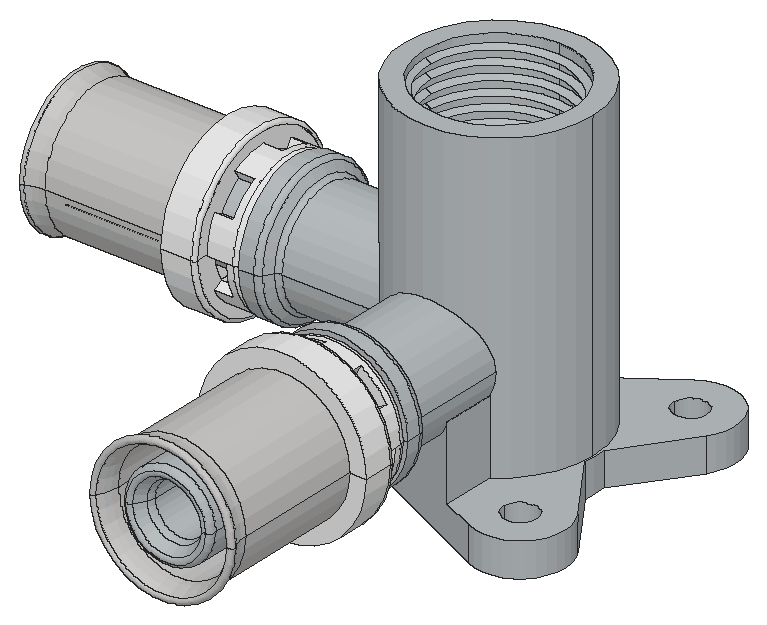
Revit family "VTm_234_Водорозетка пресс проходная1", category Соединительные детали трубопроводов, Revit 2017
Family settings
  Размер круглого соединителя = Использовать диаметр
  Тип детали = Боковой тройник
  На основе рабочей плоскости = Нет
  Всегда вертикально = Да
  При загрузке вырезать с полостями = Нет
  Общий = Нет
Parameters (values of type "16 х 1/2" х 16")
  СимволСредДетал = VTm_234_СимволСредДетал : 16х16
  СимволНизкДетал = VTm_234_СимволНизкДетал : 16х16
  РадН Цилиндра = 12.50 mm
  РадН Выпусков = 7.00 mm
  РадВн Цилиндра = 9.90 mm
  РадВн Выпусков = РадН Выпусков - 2.00 mm  # 5.00 mm
  Рад пальцев подошвы = 6.00 mm
  Рад Подошвы = 12.75 mm
  Рад Крепеж = 2.20 mm
  Описание = "Служит для соединения резьбовых фитингов с системами металлополимерных, PEX и PE труб на пресс перпендикулярно плоскости расположения труб"  # constant formula
  Комментарии к типоразмеру = "Модель разработана по заказу ВЕСТА Регионы, автор Михаил Кузьмин НПО Инкомис, правообладатель ВЕСТА Регионы"  # constant formula
  Изготовитель = "VALTEC"  # constant formula
  Ду Гильз = 16.00 mm
  Ду Цилиндра = 15.00 mm
  До кольца = 27.00 mm
  Длина Базы = 28.803 mm
  Гильзы = VTm_234_Гильза_16_с_хвостом : 16
  Видеть резьбу = yes
  VT_Цена базовая = 380
  VT_sleeve = Сталь, нержавеющая, полированная
  VT_ring = Пластмасса, непрозрачная, белая
  VT_body = Цинк
  URL = "http://valtec.ru/catalog/sistemy_metallopolimernyh_i_polimernyh_truboprovodov/press_fitingi/press_vodorozetka_prohodnaya_vtm234n.html"
  ADSK_Примечание = ""
  ADSK_Позиция = "234.160416"
  ADSK_Обозначение = "VTm.234.N.160416"
  ADSK_Наименование = "Водорозетка пресс проходная 16х1/2\"х16 VTm.234"
  ADSK_Масса_Текст = "0,199"
  ADSK_Масса = 0.199
  ADSK_Завод-изготовитель = "VALTEC"  # constant formula
  ADSK_Единица измерения = "шт"  # constant formula
  ADSK_Версия семейства = "01.01"  # constant formula
  ADSK_Версия Revit = "2017"  # constant formula
Types (3, lengths in mm): name | СимволСредДетал | СимволНизкДетал | РадН Выпусков | РадВн Выпусков | Ду Гильз | Длина Базы | Гильзы | VT_Цена базовая | ADSK_Позиция | ADSK_Обозначение | ADSK_Наименование | ADSK_Масса_Текст | ADSK_Масса
  (no name) | VTm_234_СимволСредДетал : 16х16 | VTm_234_СимволНизкДетал : 16х16 | 7.00 | 5.00 | 16.00 | 28.803 | VTm_234_Гильза_16_с_хвостом : 16 | 380 | "234.160416" | "VTm.234.N.160416" | "Водорозетка пресс проходная 16х1/2\"х16 VTm.234" | "0,199" | 0.199
  16 х 1/2" х 16 | VTm_234_СимволСредДетал : 16х16 | VTm_234_СимволНизкДетал : 16х16 | 7.00 | 5.00 | 16.00 | 28.803 | VTm_234_Гильза_16_с_хвостом : 16 | 380 | "234.160416" | "VTm.234.N.160416" | "Водорозетка пресс проходная 16х1/2\"х16 VTm.234" | "0,199" | 0.199
  20 х 1/2" х 20 | VTm_234_СимволСредДетал : 20х20 | VTm_234_СимволНизкДетал : 20х20 | 7.50 | 5.50 | 20.00 | 29.302 | VTm_234_Гильза_20_с_хвостом : 20 | 459 | "234.200420" | "VTm.234.N.200420" | "Водорозетка пресс проходная 20х1/2\"х20 VTm.234" | "0,208" | 0.208
Reference planes
  plane 1 "По центру (Вперед/Назад)": y = 0
  plane 2: z = 0
  plane 3 "По центру (Влево/Вправо)": x = 0
  plane 4: z = 28
  plane 5: x = -9.9
  plane 6: y = 7
  plane 7: y = -28.803
  plane 8: x = -28.803
  plane 9: x = 7
  plane 10: z = 15
  plane 11 "Подошва": z = -17
  plane 12: y = -27
  plane 13: y = 14.142
  plane 14: x = 14.142
  plane 15: x = -14.142
  plane 16: y = -14.142
  plane 17: z = -12.5
  plane 18: through (0, 0, 1200) normal (-0.7071, 0.7071, 0)
  plane 19: y = 16
  plane 20: y = -16
  plane 21: x = -16
  plane 22: x = 16
  plane 23: x = -44.803
  plane 24: x = -60.803
  plane 25: y = -44.803
  plane 26: y = -60.803
Forms (mm)
  Extrusion 1, solid, material "Цинк", detail levels fine
    sketch origin (0, 0, -17) x (-1, 0, 0) y (0, -1, 0)
      loop
        circle (0, 0) r 12.5
    from 0 to 45
  Extrusion 2, solid, material "Цинк", detail levels fine
    sketch origin (0, 0, 0) x (1, 0, 0) y (0, 1, 0)
      loop
        line (7, 7) -> (-17.405, 7) -> (-11.529, -5.444)
        arc (-11.529, -5.444) -> (-9.016, -9.016) -> (-5.444, -11.529) r 12.75
        line (-5.444, -11.529) -> (7, -17.405) -> (7, 7)
    from -12.5 to 0
  Extrusion 3, solid, not visible
    sketch origin (0, 0, 0) x (1, 0, 0) y (0, 0, 1)
      loop
        circle (0, 0) r 5
    from 0 to 28.803
  Extrusion 4, solid, not visible
    sketch origin (0, 0, 0) x (0, 1, 0) y (0, 0, 1)
      loop
        circle (0, 0) r 5
    from 0 to -28.803
  Extrusion 5, void
    sketch origin (-15.421, -1524, 4.5) x (0, -1, 0) y (-1, 0, 0)
      loop
        circle (-1524, -15.421) r 9.9
    from -10.5 to -23.5
  Extrusion 6, void
    sketch origin (0, 0, 0) x (1, 0, 0) y (0, 1, 0)
      loop
        circle (-14.142, 14.142) r 2.2
    from -12.5 to -17
  Extrusion 7, void
    sketch origin (0, 0, 0) x (1, 0, 0) y (0, 1, 0)
      loop
        circle (14.142, 14.142) r 2.2
    from -12.5 to -17
  Extrusion 8, void
    sketch origin (0, 0, 0) x (1, 0, 0) y (0, 1, 0)
      loop
        circle (14.142, -14.142) r 2.2
    from -12.5 to -17
  Extrusion 9, solid, material "Цинк", detail levels fine
    sketch origin (0, 0, 0) x (1, 0, 0) y (0, 1, 0)
      loop
        arc (-10.701, 19.057) -> (-18.01, 18.729) -> (-19.568, 11.58) r 6
        line (-19.568, 11.58) -> (-11.529, -5.444)
        arc (-11.529, -5.444) -> (-9.016, -9.016) -> (-5.444, -11.529) r 12.75
        line (-5.444, -11.529) -> (11.58, -19.568)
        arc (11.58, -19.568) -> (18.729, -18.01) -> (19.057, -10.701) r 6
        line (19.057, -10.701) -> (12.655, -1.557)
        arc (12.655, -1.557) -> (12.75, 0) -> (12.655, 1.557) r 12.75
        line (12.655, 1.557) -> (19.057, 10.701)
        arc (19.057, 10.701) -> (18.385, 18.385) -> (10.701, 19.057) r 6
        line (10.701, 19.057) -> (1.557, 12.655)
        arc (1.557, 12.655) -> (0, 12.75) -> (-1.557, 12.655) r 12.75
        line (-1.557, 12.655) -> (-10.701, 19.057)
    from -17 to -12.5
  Extrusion 10, solid, not visible
    sketch origin (0, 0, 0) x (1, 0, 0) y (0, 1, 0)
      loop
        circle (0, 0) r 5
    from 0 to 15
Cuts and joins
  Extrusion 5 cuts Extrusion 1
  Extrusion 6, Extrusion 7, Extrusion 8 cuts Extrusion 9
  joined: Extrusion 1, Extrusion 2, Extrusion 9
Lines and regions (mm)
  model lines, style "PipeFittingCenterLine"
    curve 1: line (-28.803, 0, 0) -> (0, 0, 0)
    curve 2: line (0, 0, 0) -> (0, 0, 15)
    curve 3: line (0, 0, 0) -> (0, -28.803, 0)
  model lines, style "VT_symbol", detail levels medium
    curve 4: line (-14.142, 14.142, -17) -> (14.142, -14.142, -17)
    curve 5: line (0, 0, -17) -> (14.142, 14.142, -17)
    curve 6: arc (-11.942, 14.142, -17) -> (-14.142, 16.342, -17) -> (-16.342, 14.142, -17) r 2.2
    curve 7: arc (-16.342, 14.142, -17) -> (-14.142, 11.942, -17) -> (-11.942, 14.142, -17) r 2.2
    curve 8: arc (11.942, 14.142, -17) -> (14.142, 11.942, -17) -> (16.342, 14.142, -17) r 2.2
    curve 9: arc (16.342, 14.142, -17) -> (14.142, 16.342, -17) -> (11.942, 14.142, -17) r 2.2
    curve 10: arc (16.342, -14.142, -17) -> (14.142, -11.942, -17) -> (11.942, -14.142, -17) r 2.2
    curve 11: arc (11.942, -14.142, -17) -> (14.142, -16.342, -17) -> (16.342, -14.142, -17) r 2.2
    curve 12: line (0, 0, 0) -> (0, 0, -17)
    curve 13: line (-60.803, 16, 0) -> (-28.803, -16, 0)
    curve 14: line (-60.803, -16, 0) -> (-28.803, 16, 0)
    curve 15: line (-16, -28.803, 0) -> (16, -60.803, 0)
    curve 16: line (-16, -60.803, 0) -> (16, -28.803, 0)
Dimensions and locks
  locked: plane 4 to plane 2 at 28
  "РадВн Цилиндра": plane 3 "По центру (Влево/Вправо)" to plane 5
  "РадН Выпусков": plane 1 "По центру (Вперед/Назад)" to plane 6
  "Длина Базы": plane 7 to plane 1 "По центру (Вперед/Назад)"
  "Длина Базы": plane 8 to plane 3 "По центру (Влево/Вправо)"
  "РадН Выпусков": plane 3 "По центру (Влево/Вправо)" to plane 9
  locked: plane 4 to plane 10 at 13
  "До кольца": plane 1 "По центру (Вперед/Назад)" to plane 12
  plane 13 to plane 1 "По центру (Вперед/Назад)" to plane 16 = 14.142 mm locked, 14.142 mm locked
  plane 15 to plane 3 "По центру (Влево/Вправо)" to plane 14 = 14.142 mm locked, 14.142 mm locked
  locked: plane 2 to plane 11 "Подошва" at 17
  locked: plane 17 to plane 11 "Подошва" at 4.5
  plane 4 to plane 10 = 13.00 mm
  equal spacing: plane 19, plane 1 "По центру (Вперед/Назад)", plane 20
  "Ду Гильз": plane 19 to plane 1 "По центру (Вперед/Назад)"
  equal spacing: plane 21, plane 3 "По центру (Влево/Вправо)", plane 22
  "Ду Гильз": plane 3 "По центру (Влево/Вправо)" to plane 22
  equal spacing: plane 24, plane 23, plane 8
  "Ду Гильз": plane 24 to plane 23
  equal spacing: plane 7, plane 25, plane 26
  "Ду Гильз": plane 7 to plane 25
  "РадН Цилиндра": radius of Extrusion 1 sketch curve
  "РадВн Выпусков": radius of Extrusion 3 sketch curve
  "РадВн Выпусков": radius of Extrusion 4 sketch curve
  "РадВн Цилиндра": radius of Extrusion 5 sketch curve
  "Рад Крепеж": radius of Extrusion 6 sketch curve
  "Рад Крепеж": radius of Extrusion 7 sketch curve
  "Рад Крепеж": radius of Extrusion 8 sketch curve
  "Рад пальцев подошвы": radius of Extrusion 9 sketch curve  (x3)
  "Рад Подошвы": radius of Extrusion 9 sketch curve  (x3)
  "РадВн Выпусков": radius of Extrusion 10 sketch curve
  locked: plane 1 "По центру (Вперед/Назад)" to plane 18 (angle 45.00°)
  aligned and locked: level to plane 2
  aligned and locked: plane 3 "По центру (Влево/Вправо)" to Extrusion 1 sketch curve
  aligned and locked: plane 1 "По центру (Вперед/Назад)" to Extrusion 1 sketch curve
  aligned and locked: plane 4 to Extrusion 1
  aligned and locked: plane 3 "По центру (Влево/Вправо)" to Extrusion 3 sketch curve
  aligned and locked: Extrusion 3 to plane 1 "По центру (Вперед/Назад)"
  aligned and locked: Extrusion 4 to plane 3 "По центру (Влево/Вправо)"
  aligned and locked: Extrusion 4 to plane 8
  aligned and locked: plane 1 "По центру (Вперед/Назад)" to Extrusion 5 sketch curve
  aligned and locked: plane 3 "По центру (Влево/Вправо)" to Extrusion 5 sketch curve
  aligned and locked: Extrusion 1 to Extrusion 5
  aligned and locked: plane 1 "По центру (Вперед/Назад)" to Extrusion 4 sketch curve
  aligned and locked: plane 10 to Extrusion 5
  aligned and locked: plane 2 to Extrusion 4 sketch curve
  aligned and locked: plane 2 to Extrusion 3 sketch curve
  aligned and locked: Extrusion 2 sketch curve to plane 6
  aligned and locked: plane 9 to Extrusion 2 sketch curve
  aligned and locked: plane 14 to Extrusion 7 sketch curve
  aligned and locked: plane 13 to Extrusion 7 sketch curve
  aligned and locked: plane 14 to Extrusion 8 sketch curve
  aligned and locked: plane 16 to Extrusion 8 sketch curve
  aligned and locked: plane 15 to Extrusion 9 sketch curve
  aligned and locked: plane 13 to Extrusion 9 sketch curve  (x2)
  aligned and locked: plane 14 to Extrusion 9 sketch curve  (x2)
  aligned and locked: plane 16 to Extrusion 9 sketch curve
  aligned and locked: Extrusion 9 to plane 11 "Подошва"
  aligned and locked: plane 17 to Extrusion 9
  aligned and locked: Extrusion 6 to plane 11 "Подошва"
  aligned and locked: Extrusion 7 to plane 11 "Подошва"
  aligned and locked: Extrusion 8 to plane 11 "Подошва"
  aligned and locked: plane 17 to Extrusion 8
  aligned and locked: plane 17 to Extrusion 7
  aligned and locked: plane 17 to Extrusion 6
  aligned and locked: nested 1 to plane 1 "По центру (Вперед/Назад)"
  aligned and locked: plane 3 "По центру (Влево/Вправо)" to nested 2
  aligned and locked: plane 2 to nested 1
  aligned and locked: nested 2 to plane 2
  aligned and locked: Extrusion 3 to plane 7
  aligned and locked: plane 3 "По центру (Влево/Вправо)" to Extrusion 10 sketch curve
  aligned and locked: plane 1 "По центру (Вперед/Назад)" to Extrusion 10 sketch curve
  aligned and locked: Extrusion 10 to plane 2
  aligned and locked: Extrusion 10 to plane 10
  aligned and locked: plane 3 "По центру (Влево/Вправо)" to nested 3
  aligned and locked: plane 1 "По центру (Вперед/Назад)" to nested 3
  aligned and locked: plane 3 "По центру (Влево/Вправо)" to nested 6
  aligned and locked: plane 1 "По центру (Вперед/Назад)" to nested 6
  aligned and locked: nested 5 to plane 1 "По центру (Вперед/Назад)"
  aligned and locked: nested 5 to plane 2
  aligned and locked: plane 3 "По центру (Влево/Вправо)" to nested 4
  aligned and locked: nested 4 to plane 2
  aligned and locked: plane 8 to curve 1
  aligned and locked: curve 1 to plane 2
  aligned and locked: plane 3 "По центру (Влево/Вправо)" to curve 2
  aligned and locked: plane 7 to curve 3
  aligned and locked: curve 3 to plane 2
  aligned and locked: plane 10 to curve 2
  aligned and locked: plane 13 to curve 5
  aligned and locked: plane 14 to curve 5
  aligned and locked: plane 16 to curve 4
  aligned and locked: plane 15 to curve 4
  aligned and locked: plane 13 to curve 4
  aligned and locked: plane 3 "По центру (Влево/Вправо)" to curve 5
  aligned and locked: plane 1 "По центру (Вперед/Назад)" to curve 5
  aligned and locked: curve 6 to cut or joined group of Extrusion 1, Extrusion 2, Extrusion 5, Extrusion 6, Extrusion 7, Extrusion 8, Extrusion 9
  aligned and locked: curve 7 to cut or joined group of Extrusion 1, Extrusion 2, Extrusion 5, Extrusion 6, Extrusion 7, Extrusion 8, Extrusion 9
  aligned and locked: curve 8 to cut or joined group of Extrusion 1, Extrusion 2, Extrusion 5, Extrusion 6, Extrusion 7, Extrusion 8, Extrusion 9
  aligned and locked: curve 9 to cut or joined group of Extrusion 1, Extrusion 2, Extrusion 5, Extrusion 6, Extrusion 7, Extrusion 8, Extrusion 9
  aligned and locked: curve 10 to cut or joined group of Extrusion 1, Extrusion 2, Extrusion 5, Extrusion 6, Extrusion 7, Extrusion 8, Extrusion 9
  aligned and locked: curve 11 to cut or joined group of Extrusion 1, Extrusion 2, Extrusion 5, Extrusion 6, Extrusion 7, Extrusion 8, Extrusion 9
  aligned and locked: curve 12 to curve 5
  aligned and locked: plane 2 to curve 12
  aligned and locked: plane 21 to curve 15
  aligned and locked: plane 7 to curve 15
  aligned and locked: plane 7 to curve 16
  aligned and locked: plane 22 to curve 16
  aligned and locked: plane 22 to curve 15
  aligned and locked: plane 26 to curve 15
  aligned and locked: plane 21 to curve 16
  aligned and locked: plane 26 to curve 16
  aligned and locked: plane 24 to curve 14
  aligned and locked: plane 20 to curve 14
  aligned and locked: plane 20 to curve 13
  aligned and locked: plane 8 to curve 13
  aligned and locked: plane 24 to curve 13
  aligned and locked: plane 19 to curve 13
  aligned and locked: plane 19 to curve 14
  aligned and locked: plane 8 to curve 14
  aligned and locked: plane 1 "По центру (Вперед/Назад)" to nested 7
  aligned and locked: plane 3 "По центру (Влево/Вправо)" to nested 7
  aligned and locked: plane 3 "По центру (Влево/Вправо)" to nested 8
  aligned and locked: plane 1 "По центру (Вперед/Назад)" to nested 8
Automatic sketch dimensions
  plane 1 "По центру (Вперед/Назад)" to Extrusion 2 sketch curve = 0.00 mm
  Extrusion 2 sketch curve to plane 3 "По центру (Влево/Вправо)" = 0.00 mm
  plane 16 to Extrusion 2 sketch curve = 2.613 mm
  Extrusion 2 sketch curve to plane 3 "По центру (Влево/Вправо)" = 5.444 mm
  Extrusion 2 sketch curve to plane 5 = 1.629 mm
  Extrusion 6 sketch curve to plane 13 = 0.00 mm
  Extrusion 6 sketch curve to plane 15 = 0.00 mm
  Extrusion 9 sketch curve to Extrusion 9 sketch curve = 0.00 mm  (x6)
  plane 1 "По центру (Вперед/Назад)" to Extrusion 9 sketch curve = 0.00 mm
  Extrusion 9 sketch curve to plane 3 "По центру (Влево/Вправо)" = 0.00 mm
  Extrusion 9 sketch curve to plane 5 = 0.801 mm
  Extrusion 9 sketch curve to plane 13 = 1.488 mm
  Extrusion 9 sketch curve to plane 14 = 1.488 mm  (x2)
  curve 3 to plane 1 "По центру (Вперед/Назад)" = 0.00 mm
  curve 6 to plane 13 = 0.00 mm  (x2)
  curve 8 to plane 13 = 0.00 mm  (x2)
  curve 10 to plane 16 = 0.00 mm  (x2)
Nested families
  nested 1: "VTm_234_Гильза_16_с_хвостом" at (-28.803, 0, 0) x (0, 1, 0) z (-1, 0, 0), type <- "Гильзы", type "16", detail levels fine
  nested 2: "VTm_234_Гильза_16_с_хвостом" at (0, -28.803, 0) x (1, 0, 0) z (0, -1, 0), type <- "Гильзы", type "16", detail levels fine
  nested 3: "VTm_234_РезьбаСоСбегами_Внутр" at (0, 0, 15), visible <- "Видеть резьбу", type "1/2" х 5 х 0,8", detail levels fine
  nested 4: "MarkR" at (0, -28.803, 0) x (1, 0, 0) z (0, -1, 0), type "MarkR", not visible
  nested 5: "MarkR" at (-28.803, 0, 0) x (0, 1, 0) z (1, 0, 0), type "MarkR", not visible
  nested 6: "MarkR" at (0, 0, 15), type "MarkR", not visible
  nested 7: "VTm_234_СимволСредДетал" at (0, 0, -12.5), type <- "СимволСредДетал", type "16х16", detail levels medium
  nested 8: "VTm_234_СимволНизкДетал" at (0, 0, -12.5), type <- "СимволНизкДетал", type "16х16", detail levels coarse
Connectors
  piping at (0, -28.803, 0), diameter 16, driven by "Ду Гильз"
    settings: on Extrusion 3, index 1, connector inside diameter 609.6 mm, connector length 0.00 mm, flow factor 0, pipe flow 0.0 L/s, pressure drop 0.0 Pa, fitting loss kfactor 0, connector angle 90.00°, fixture units 0, engagement length 0.00 mm, angle of deflection 0.00°, flow configuration 0, flow direction 0, fitting loss method 0, system type 28, joint type 0, gender type 0, connector reference index 2, connector utility 0, adjustable connector no, is connector primary no, connector description ""
  piping at (-28.803, 0, 0), diameter 16, driven by "Ду Гильз"
    settings: on Extrusion 4, index 2, connector inside diameter 609.6 mm, connector length 0.00 mm, flow factor 0, pipe flow 0.0 L/s, pressure drop 0.0 Pa, fitting loss kfactor 0, connector angle 0.00°, fixture units 0, engagement length 0.00 mm, angle of deflection 0.00°, flow configuration 0, flow direction 0, fitting loss method 0, system type 28, joint type 0, gender type 0, connector reference index 1, connector utility 0, adjustable connector no, is connector primary yes, connector description ""
  piping at (0, 0, 15), diameter 15, driven by "Ду Цилиндра"
    settings: on Extrusion 10, index 3, connector inside diameter 609.6 mm, connector length 0.00 mm, flow factor 0, pipe flow 0.0 L/s, pressure drop 0.0 Pa, fitting loss kfactor 0, connector angle 90.00°, fixture units 0, engagement length 0.00 mm, angle of deflection 0.00°, flow configuration 0, flow direction 0, fitting loss method 0, system type 28, joint type 0, gender type 0, connector reference index -1, connector utility 0, adjustable connector no, is connector primary no, connector description ""
Definition of nested family "VTm_234_Гильза_16_с_хвостом"
  Parameters (values of type "16")
    ТолщСтенкТруб = 2.10 mm
    РегулировкаВысотГильз = 17.30 mm
    РадПерфНаруж = 9.30 mm
    РадПерфВнутр = РадПерфНаруж - 1.30 mm  # 8.00 mm
    РадГабаритКольца = 11.20 mm
    Default Elevation = 0.00 mm
    НарРадТруб = НарДиамТруб / 2  # 8.00 mm
    НарДиамТруб = 16.00 mm
    ВысотаОкон = 2.697 mm
    VT_body = none
    VT_ring = none
    VT_sleeve = none
  Reference planes
    plane 1 "По центру (Вперед/Назад)": y = 0
    plane 2: z = 0
    plane 3 "По центру (Влево/Вправо)": x = 0
    plane 4: z = -1.8
    plane 5: z = 2.697
    plane 6: z = 7.197
    plane 7: x = -11.2
    plane 8: x = -9.3
    plane 9 "РадПерфВнутр": x = -8
    plane 10: through (0, 0, 1219.2) normal (-0.5, -0.866, 0)
    plane 11: through (0, 0, 1219.2) normal (-0.866, -0.5, 0)
    plane 12: through (0, 0, 1219.2) normal (-0.866, 0.5, 0)
    plane 13: through (0, 0, 1219.2) normal (-0.5, 0.866, 0)
    plane 14: x = -8.9
    plane 15: z = 24.497
    plane 16: z = 27.313
    plane 17: x = -5.9
    plane 18: x = -3.5
    plane 19 "РадНарТруб": x = -8
    plane 20: x = -13.75
    plane 21: z = -28.803
    plane 22: x = -9.5
    plane 23: x = -7.5
  Forms (mm)
    Extrusion 1, solid, not visible
      sketch origin (0, 0, 0) x (1, 0, 0) y (0, 1, 0)
        loop
          line (-1219.2, 1219.2) -> (-1219.2, -1219.2) -> (1219.2, -1219.2) -> (1219.2, 1219.2) -> (-1219.2, 1219.2)
      from 0 to -304.8
    Revolve 2, solid, material <- "VT_ring"
      sketch origin (0, 0, 0) x (1, 0, 0) y (0, 0, 1)
        loop
          line (-8, 0) -> (-8, 2.697) -> (-9.3, 2.697) -> (-9.3, -0.817)
          arc (-9.3, -0.817) -> (-9.012, -1.512) -> (-8.317, -1.8) r 0.983
          line (-8.317, -1.8) -> (0, -1.8) -> (0, 0) -> (-8, 0)
        axis (0, 2.697) -> (0, -1.8)
      angle from 0 to 360
    Extrusion 3, void
      sketch origin (0, 0, 0) x (1, 0, 0) y (0, 1, 0)
        loop
          line (-9.3, 0) -> (-8, 0)
          arc (-8, 0) -> (-7.727, 2.071) -> (-6.928, 4) r 8
          line (-6.928, 4) -> (-8.054, 4.65)
          arc (-8.054, 4.65) -> (-8.983, 2.407) -> (-9.3, 0) r 9.3
        loop
          arc (-4, 6.928) -> (-2.071, 7.727) -> (0, 8) r 8
          line (0, 8) -> (0, 9.3)
          arc (0, 9.3) -> (-2.407, 8.983) -> (-4.65, 8.054) r 9.3
          line (-4.65, 8.054) -> (-4, 6.928)
        loop
          arc (4, 6.928) -> (5.657, 5.657) -> (6.928, 4) r 8
          line (6.928, 4) -> (8.054, 4.65)
          arc (8.054, 4.65) -> (6.576, 6.576) -> (4.65, 8.054) r 9.3
          line (4.65, 8.054) -> (4, 6.928)
        loop
          arc (8, 0) -> (7.727, -2.071) -> (6.928, -4) r 8
          line (6.928, -4) -> (8.054, -4.65)
          arc (8.054, -4.65) -> (8.983, -2.407) -> (9.3, 0) r 9.3
          line (9.3, 0) -> (8, 0)
        loop
          arc (4, -6.928) -> (2.071, -7.727) -> (0, -8) r 8
          line (0, -8) -> (0, -9.3)
          arc (0, -9.3) -> (2.407, -8.983) -> (4.65, -8.054) r 9.3
          line (4.65, -8.054) -> (4, -6.928)
        loop
          arc (-8.054, -4.65) -> (-6.576, -6.576) -> (-4.65, -8.054) r 9.3
          line (-4.65, -8.054) -> (-4, -6.928)
          arc (-4, -6.928) -> (-5.657, -5.657) -> (-6.928, -4) r 8
          line (-6.928, -4) -> (-8.054, -4.65)
      from 0 to 2.697
    Revolve 4, solid, material <- "VT_ring"
      sketch origin (0, 0, 0) x (1, 0, 0) y (0, 0, 1)
        loop
          line (-11.2, 7.197) -> (-11.2, 3.224)
          arc (-11.2, 3.224) -> (-11.046, 2.851) -> (-10.674, 2.697) r 0.526
          line (-10.674, 2.697) -> (-8, 2.697) -> (-8, 7.197) -> (-11.2, 7.197)
        axis (0, 2.697) -> (0, 7.197)
      angle from 0 to 360
    Revolve 5, solid, material <- "VT_sleeve"
      sketch origin (0, 0, 0) x (1, 0, 0) y (0, 0, 1)
        loop
          line (-8.9, 7.197) -> (-8, 7.197) -> (-8, 24.497)
          arc (-8, 24.497) -> (-8.187, 25.953) -> (-8.737, 27.313) r 5.75
          arc (-8.737, 27.313) -> (-9.35, 27.485) -> (-9.522, 26.873) r 0.45
          arc (-9.522, 26.873) -> (-9.058, 25.725) -> (-8.9, 24.497) r 4.85
          line (-8.9, 24.497) -> (-8.9, 7.197)
        axis (0, 27.313) -> (0, 7.197)
      angle from 0 to 360
    Revolve 6, solid, material <- "VT_body"
      sketch origin (0, 0, 0) x (1, 0, 0) y (0, 0, 1)
        loop
          line (-3.764, 24.955) -> (-4.576, 26.366)
          arc (-4.576, 26.366) -> (-4.898, 26.631) -> (-5.315, 26.617) r 0.591
          arc (-5.315, 26.617) -> (-5.74, 26.267) -> (-5.9, 25.739) r 0.951
          line (-5.9, 25.739) -> (-5.9, 0) -> (-3.5, 0) -> (-3.5, 23.969)
          arc (-3.5, 23.969) -> (-3.567, 24.479) -> (-3.764, 24.955) r 1.977
        axis (0, 26.617) -> (0, 0)
      angle from 0 to 360
    Revolve 7, solid, material <- "VT_body"
      sketch origin (0, 0, 0) x (1, 0, 0) y (0, 0, 1)
        loop
          line (-9.5, -1.8) -> (-9.5, -3.781)
          arc (-9.5, -3.781) -> (-9.379, -4.233) -> (-9.048, -4.564) r 0.904
          line (-9.048, -4.564) -> (-7.934, -5.207)
          arc (-7.934, -5.207) -> (-7.616, -5.525) -> (-7.5, -5.958) r 0.867
          line (-7.5, -5.958) -> (-7.5, -28.803) -> (0, -28.803) -> (0, -1.8) -> (-9.5, -1.8)
        axis (0, -1.8) -> (0, -28.803)
      angle from 0 to 360
  Cuts and joins
    Extrusion 3 cuts Revolve 2
  Dimensions and locks
    "РадГабаритКольца": plane 7 to plane 3 "По центру (Влево/Вправо)"
    "РадПерфНаруж": plane 8 to plane 3 "По центру (Влево/Вправо)"
    "РадПерфВнутр": plane 9 "РадПерфВнутр" to plane 3 "По центру (Влево/Вправо)"
    locked: plane 17 to plane 18 at 2.4
    "ТолщСтенкТруб": plane 19 "РадНарТруб" to plane 17
    "НарРадТруб": plane 19 "РадНарТруб" to plane 3 "По центру (Влево/Вправо)"
    locked: plane 14 to plane 19 "РадНарТруб" at 0.9
    "РегулировкаВысотГильз": plane 15 to plane 6
    locked: plane 16 to plane 15 at 2.816
    plane 16 to plane 4 = 29.113 mm
    locked: plane 19 "РадНарТруб" to plane 20 at 5.75
    locked: plane 6 to plane 5 at 4.5
    locked: plane 2 to plane 4 at 1.8
    "ВысотаОкон": plane 5 to plane 2
    locked: plane 2 to plane 21 at 28.803
    locked: plane 23 to plane 3 "По центру (Влево/Вправо)" at 7.5
    locked: plane 3 "По центру (Влево/Вправо)" to plane 22 at 9.5
    "РадПерфВнутр": radius of Extrusion 3 sketch curve  (x6)
    "РадПерфНаруж": radius of Extrusion 3 sketch curve  (x6)
    aligned and locked: plane 2 to Extrusion 1
    aligned and locked: level to Extrusion 1
    aligned and locked: Revolve 2 sketch curve to plane 8
    aligned and locked: Revolve 2 sketch curve to plane 3 "По центру (Влево/Вправо)"
    aligned and locked: plane 2 to Revolve 2 sketch curve
    aligned and locked: plane 4 to Revolve 2 sketch curve  (x2)
    aligned and locked: Revolve 2 sketch curve to plane 2
    aligned and locked: Extrusion 3 sketch curve to plane 1 "По центру (Вперед/Назад)"
    aligned and locked: plane 10 to Extrusion 3 sketch curve
    aligned and locked: plane 3 "По центру (Влево/Вправо)" to Extrusion 3 sketch curve  (x13)
    aligned and locked: plane 1 "По центру (Вперед/Назад)" to Extrusion 3 sketch curve  (x13)
    aligned and locked: Extrusion 3 to plane 2
    aligned and locked: plane 5 to Extrusion 3
    aligned and locked: Revolve 2 sketch curve to plane 9 "РадПерфВнутр"
    aligned and locked: Revolve 2 sketch curve to plane 5
    aligned and locked: Extrusion 3 sketch curve to plane 11
    aligned and locked: Extrusion 3 sketch curve to plane 3 "По центру (Влево/Вправо)"
    aligned and locked: Extrusion 3 sketch curve to plane 12
    aligned and locked: plane 13 to Extrusion 3 sketch curve
    aligned and locked: Extrusion 3 sketch curve to plane 10
    aligned and locked: plane 11 to Extrusion 3 sketch curve
    aligned and locked: Extrusion 3 sketch curve to plane 13
    aligned and locked: plane 12 to Extrusion 3 sketch curve
    aligned and locked: plane 9 "РадПерфВнутр" to Revolve 4 sketch curve
    aligned and locked: plane 7 to Revolve 4 sketch curve
    aligned and locked: plane 6 to Revolve 4 sketch curve
    aligned and locked: Revolve 4 sketch curve to plane 5
    aligned and locked: plane 3 "По центру (Влево/Вправо)" to Revolve 4 sketch curve
    aligned and locked: plane 4 to Revolve 4 sketch curve
    aligned and locked: plane 2 to Revolve 4 sketch curve
    aligned and locked: Revolve 5 sketch curve to plane 3 "По центру (Влево/Вправо)"
    aligned and locked: plane 4 to Revolve 5 sketch curve
    aligned and locked: plane 2 to Revolve 5 sketch curve
    aligned and locked: Revolve 5 sketch curve to plane 14
    aligned and locked: Revolve 5 sketch curve to plane 6
    aligned and locked: Revolve 6 sketch curve to plane 2
    aligned and locked: plane 17 to Revolve 6 sketch curve
    aligned and locked: Revolve 6 sketch curve to plane 3 "По центру (Влево/Вправо)"
    aligned and locked: plane 4 to Revolve 6 sketch curve
    aligned and locked: plane 2 to Revolve 6 sketch curve
    aligned and locked: Revolve 6 sketch curve to plane 18
    aligned and locked: Revolve 5 sketch curve to plane 19 "РадНарТруб"
    aligned and locked: plane 20 to Revolve 5 sketch curve  (x2)
    aligned and locked: plane 15 to Revolve 5 sketch curve  (x2)
    aligned and locked: Revolve 7 sketch curve to Revolve 7 sketch curve  (x2)
    aligned and locked: Revolve 7 to plane 4  (x2)
    aligned and locked: Revolve 7 to plane 21  (x2)
    aligned and locked: Revolve 7 sketch curve to plane 3 "По центру (Влево/Вправо)"
    aligned and locked: plane 4 to Revolve 7 sketch curve
    aligned and locked: Revolve 7 sketch curve to plane 21
    aligned and locked: Revolve 7 sketch curve to plane 23
    aligned and locked: Revolve 7 sketch curve to plane 22
  Automatic sketch dimensions
    Extrusion 1 sketch curve to Extrusion 1 sketch curve = 2438.40 mm  (x2)
    Revolve 2 sketch curve to plane 3 "По центру (Влево/Вправо)" = 0.00 mm
    Revolve 2 sketch curve to plane 9 "РадПерфВнутр" = 0.317 mm
    Revolve 4 sketch curve to Revolve 4 sketch curve = 0.526 mm
    Revolve 5 sketch curve to plane 16 = 0.00 mm
    Revolve 5 sketch curve to Revolve 5 sketch curve = 0.00 mm  (x2)
    Revolve 6 sketch curve to plane 17 = 0.423 mm
    Revolve 6 sketch curve to plane 17 = 0.812 mm
    Revolve 6 sketch curve to Revolve 6 sketch curve = 0.139 mm
    Revolve 6 sketch curve to Revolve 6 sketch curve = 0.512 mm
    plane 18 to Revolve 6 sketch curve = 0.264 mm
    plane 15 to Revolve 6 sketch curve = 0.528 mm
    Revolve 6 sketch curve to Revolve 6 sketch curve = 0.332 mm
    Revolve 7 sketch curve to plane 4 = 2.764 mm
    Revolve 7 sketch curve to Revolve 7 sketch curve = 0.452 mm
    Revolve 7 sketch curve to Revolve 7 sketch curve = 0.904 mm
    Revolve 7 sketch curve to Revolve 7 sketch curve = 0.681 mm
    Revolve 7 sketch curve to Revolve 7 sketch curve = 0.00 mm
Definition of nested family "VTm_234_РезьбаСоСбегами_Внутр"
  Parameters (values of type "1/2" х 5 х 0,8")
    Отступ от дна = 0.80 mm
    Default Elevation = 0.00 mm
    Z = 5
    VT_body = none
    P = 1.814 mm
    L = Z * P + P * 1.5  # 11.791 mm
    H = P * 0.96049  # 1.742 mm
    D2/2 = D2 / 2  # 9.896 mm
    D2 = 19.793 mm
    1/2P = P / 2  # 0.907 mm
  Reference planes
    plane 1 "По центру (Вперед/Назад)": y = 0
    plane 2: z = 0
    plane 3 "По центру (Влево/Вправо)": x = 0
    plane 4: x = -9.896
    plane 5: x = 9.897
    plane 6: x = -9.025
    plane 7: x = -10.768
    plane 8: x = 9.025
    plane 9: x = 10.768
    plane 10 "Верх резьбы": z = 12.591
    plane 11: z = 11.684
    plane 12: z = 10.777
    plane 13: z = 9.87
    plane 14 "Привязка массива": z = 2.614
    plane 15: z = 1.707
    plane 16 "Низ резьбы": z = 0.8
  Forms (mm)
    Extrusion 1, solid
      sketch origin (0, 0, 0) x (1, 0, 0) y (0, 1, 0)
        loop
          line (-1219.2, 1219.2) -> (-1219.2, -1219.2) -> (1219.2, -1219.2) -> (1219.2, 1219.2) -> (-1219.2, 1219.2)
      from 0 to -304.8
    SweptBlend 2, solid, material <- "VT_body"
      path origin (0, 0, 12.591) x (0, -1, 0) y (-1, 0, 0)
        loop
          arc (0, -9.897) -> (-9.896, 0) -> (0, 9.896) r 9.896
      profile origin (9.897, 0, 12.591) x (-1, 0, 0) y (0, 0, 1)
        loop
          line (-0.871, -0.907) -> (-0.871, -2.721) -> (0.871, -1.814) -> (-0.871, -0.907)
      end profile origin (-9.896, 0, 12.591) x (1, 0, 0) y (0, 0, 1)
        loop
          line (-0.871, 0) -> (-0.871, -1.814) -> (0.871, -0.907) -> (-0.871, 0)
    SweptBlend 3, solid, material <- "VT_body"
      path origin (0, 0, 12.591) x (0, -1, 0) y (-1, 0, 0)
        loop
          arc (0, 9.896) -> (9.897, 0) -> (0, -9.897) r 9.896
      profile origin (-9.896, 0, 12.591) x (1, 0, 0) y (0, 0, 1)
        loop
          line (-0.871, 0) -> (-0.871, -1.814) -> (0.871, -0.907) -> (-0.871, 0)
      end profile origin (9.897, 0, 12.591) x (-1, 0, 0) y (0, 0, 1)
        loop
          line (-0.871, 0) -> (-0.871, -0.907) -> (0, 0) -> (-0.871, 0)
    SweptBlend 4, solid, material <- "VT_body"
      path origin (0, 0, 0.8) x (0, -1, 0) y (-1, 0, 0)
        loop
          arc (0, -9.896) -> (9.896, 0) -> (0, 9.896) r 9.896
      profile origin (9.896, 0, 0.8) x (1, 0, 0) y (0, 0, 1)
        loop
          line (0.871, 1.814) -> (-0.871, 0.907) -> (0.871, 0) -> (0.871, 1.814)
      end profile origin (-9.896, 0, 0.8) x (-1, 0, 0) y (0, 0, 1)
        loop
          line (0.871, 0.907) -> (0, 0) -> (0.871, 0) -> (0.871, 0.907)
  Dimensions and locks
    "D2": plane 5 to plane 4
    equal spacing: plane 6, plane 4, plane 7
    "H": plane 6 to plane 7
    equal spacing: plane 8, plane 3 "По центру (Влево/Вправо)", plane 6
    equal spacing: plane 9, plane 3 "По центру (Влево/Вправо)", plane 7
    equal spacing: plane 16 "Низ резьбы", plane 15, plane 14 "Привязка массива"
    equal spacing: plane 13, plane 12, plane 11, plane 10 "Верх резьбы"
    "Отступ от дна": plane 16 "Низ резьбы" to plane 2
    "L": plane 10 "Верх резьбы" to plane 16 "Низ резьбы"
    "1/2P": plane 12 to plane 13
    "1/2P": plane 15 to plane 16 "Низ резьбы"
    equal spacing: group 1, group 2, group 3, group 4, group 5  (x3)
    equal spacing: plane 5, plane 3 "По центру (Влево/Вправо)", plane 4
    "P": nested 3 to plane 14 "Привязка массива"
    "D2/2": radius of SweptBlend 3 sketch curve
    "D2/2": radius of SweptBlend 2 sketch curve
    aligned and locked: plane 2 to Extrusion 1
    aligned and locked: level to Extrusion 1
    aligned and locked: plane 3 "По центру (Влево/Вправо)" to SweptBlend 2 sketch curve
    aligned and locked: plane 1 "По центру (Вперед/Назад)" to SweptBlend 2 sketch curve  (x3)
    aligned and locked: plane 11 to SweptBlend 2 sketch curve  (x2)
    aligned and locked: plane 13 to SweptBlend 2 sketch curve
    aligned and locked: plane 9 to SweptBlend 2 sketch curve
    aligned and locked: plane 10 "Верх резьбы" to SweptBlend 2 sketch curve
    aligned and locked: plane 12 to SweptBlend 2 sketch curve  (x2)
    aligned and locked: SweptBlend 2 sketch curve to plane 7
    aligned and locked: SweptBlend 3 sketch curve to SweptBlend 2
    aligned and locked: SweptBlend 2 to SweptBlend 3 sketch curve
    aligned and locked: plane 3 "По центру (Влево/Вправо)" to SweptBlend 3 sketch curve
    aligned and locked: plane 1 "По центру (Вперед/Назад)" to SweptBlend 3 sketch curve
    aligned and locked: plane 12 to SweptBlend 3 sketch curve
    aligned and locked: plane 10 "Верх резьбы" to SweptBlend 3 sketch curve
    aligned and locked: SweptBlend 3 sketch curve to plane 7
    aligned and locked: plane 6 to SweptBlend 3 sketch curve
    aligned and locked: plane 11 to SweptBlend 3 sketch curve  (x2)
    aligned and locked: plane 9 to SweptBlend 3 sketch curve
    aligned and locked: plane 5 to SweptBlend 3 sketch curve
    aligned and locked: SweptBlend 3 sketch curve to plane 10 "Верх резьбы"
    aligned and locked: SweptBlend 3 to SweptBlend 4 sketch curve
    aligned and locked: SweptBlend 4 sketch curve to SweptBlend 2
    aligned and locked: plane 3 "По центру (Влево/Вправо)" to SweptBlend 4 sketch curve
    aligned and locked: plane 1 "По центру (Вперед/Назад)" to SweptBlend 4 sketch curve
    aligned and locked: plane 14 "Привязка массива" to SweptBlend 4 sketch curve
    aligned and locked: plane 16 "Низ резьбы" to SweptBlend 4 sketch curve  (x2)
    aligned and locked: plane 9 to SweptBlend 4 sketch curve
    aligned and locked: plane 8 to SweptBlend 4 sketch curve
    aligned and locked: plane 15 to SweptBlend 4 sketch curve  (x2)
    aligned and locked: SweptBlend 4 sketch curve to plane 7
    aligned and locked: plane 4 to SweptBlend 4 sketch curve
    aligned and locked: plane 6 to SweptBlend 2 sketch curve
    aligned and locked: plane 8 to SweptBlend 2 sketch curve
    aligned and locked: plane 3 "По центру (Влево/Вправо)" to nested 1
    aligned and locked: plane 1 "По центру (Вперед/Назад)" to nested 1
    aligned and locked: nested 1 to plane 16 "Низ резьбы"
  Automatic sketch dimensions
    Extrusion 1 sketch curve to Extrusion 1 sketch curve = 2438.40 mm  (x2)
    SweptBlend 4 sketch curve to plane 5 = 0.00 mm
  Nested families
    nested 1: "VTm_234_НиткиРезьбы_для_РезьбаСоСбегами_Внутр" at (0, 0, 2.614), type "VTm_234_НиткиРезьбы_для_РезьбаСоСбегами_Внутр"
    nested 2: "VTm_234_НиткиРезьбы_для_РезьбаСоСбегами_Внутр" at (0, 0, 4.428), type "VTm_234_НиткиРезьбы_для_РезьбаСоСбегами_Внутр"
    nested 3: "VTm_234_НиткиРезьбы_для_РезьбаСоСбегами_Внутр" at (0, 0, 6.242), type "VTm_234_НиткиРезьбы_для_РезьбаСоСбегами_Внутр"
    nested 4: "VTm_234_НиткиРезьбы_для_РезьбаСоСбегами_Внутр" at (0, 0, 8.056), type "VTm_234_НиткиРезьбы_для_РезьбаСоСбегами_Внутр"
    nested 5: "VTm_234_НиткиРезьбы_для_РезьбаСоСбегами_Внутр" at (0, 0, 9.87), type "VTm_234_НиткиРезьбы_для_РезьбаСоСбегами_Внутр"
  Definition of nested family "VTm_234_НиткиРезьбы_для_РезьбаСоСбегами_Внутр"
    Parameters (values of type "VTm_234_НиткиРезьбы_для_РезьбаСоСбегами_Внутр")
      Шаг = 1.814 mm
      Профиль = Шаг * 0.96049  # 1.742 mm
      ПолШага = Шаг / 2  # 0.907 mm
      ПолД2 = Д2 / 2  # 9.896 mm
      Д2 = 19.793 mm
      VT_body = none
    Reference planes
      plane 1 "По центру (Вперед/Назад)": y = 0
      plane 2 "3": z = 0
      plane 3 "По центру (Влево/Вправо)": x = 0
      plane 4 "2": z = -0.907
      plane 5 "1": z = -1.814
      plane 6 "4": z = 0.907
      plane 7 "5": z = 1.814
      plane 8: x = -9.896
      plane 9: x = 9.896
      plane 10: x = -10.768
      plane 11: x = -9.025
      plane 12: x = 9.025
      plane 13: x = 10.768
    Forms (mm)
      SweptBlend 1, solid, material <- "VT_body"
        path origin (0, 0, -0.907) x (-1, 0, 0) y (0, -1, 0)
          loop
            arc (-9.897, 0) -> (0, -9.897) -> (9.897, 0) r 9.897
        profile origin (9.897, 0, -0.907) x (-1, 0, 0) y (0, 0, 1)
          loop
            line (-0.871, 0.907) -> (-0.871, -0.907) -> (0.871, 0) -> (-0.871, 0.907)
        end profile origin (-9.897, 0, -0.907) x (1, 0, 0) y (0, 0, 1)
          loop
            line (-0.871, 1.814) -> (-0.871, 0) -> (0.871, 0.907) -> (-0.871, 1.814)
      SweptBlend 2, solid, material <- "VT_body"
        path origin (0, 0, -0.907) x (-1, 0, 0) y (0, -1, 0)
          loop
            arc (9.896, 0) -> (0, 9.896) -> (-9.896, 0) r 9.896
        profile origin (-9.896, 0, -0.907) x (1, 0, 0) y (0, 0, 1)
          loop
            line (-0.871, 1.814) -> (-0.871, 0) -> (0.871, 0.907) -> (-0.871, 1.814)
        end profile origin (9.896, 0, -0.907) x (-1, 0, 0) y (0, 0, 1)
          loop
            line (-0.871, 2.721) -> (-0.871, 0.907) -> (0.871, 1.814) -> (-0.871, 2.721)
    Dimensions and locks
      equal spacing: plane 7 "5", plane 6 "4", plane 2 "3", plane 4 "2", plane 5 "1"
      "ПолШага": plane 4 "2" to plane 5 "1"
      equal spacing: plane 9, plane 3 "По центру (Влево/Вправо)", plane 8
      "Д2": plane 9 to plane 8
      equal spacing: plane 11, plane 8, plane 10
      equal spacing: plane 13, plane 9, plane 12
      "Профиль": plane 11 to plane 10
      "Профиль": plane 13 to plane 12
      "ПолД2": radius of SweptBlend 1 sketch curve
      "ПолД2": radius of SweptBlend 2 sketch curve
      aligned and locked: level to plane 2 "3"
      aligned and locked: plane 3 "По центру (Влево/Вправо)" to SweptBlend 1 sketch curve
      aligned and locked: plane 1 "По центру (Вперед/Назад)" to SweptBlend 1 sketch curve  (x3)
      aligned and locked: plane 2 "3" to SweptBlend 1 sketch curve  (x2)
      aligned and locked: plane 5 "1" to SweptBlend 1 sketch curve
      aligned and locked: SweptBlend 1 sketch curve to plane 13
      aligned and locked: plane 12 to SweptBlend 1 sketch curve
      aligned and locked: plane 4 "2" to SweptBlend 1 sketch curve  (x2)
      aligned and locked: plane 6 "4" to SweptBlend 1 sketch curve
      aligned and locked: SweptBlend 1 sketch curve to plane 10
      aligned and locked: plane 11 to SweptBlend 1 sketch curve
      aligned and locked: plane 3 "По центру (Влево/Вправо)" to SweptBlend 2 sketch curve
      aligned and locked: plane 1 "По центру (Вперед/Назад)" to SweptBlend 2 sketch curve
      aligned and locked: plane 6 "4" to SweptBlend 2 sketch curve  (x2)
      aligned and locked: plane 4 "2" to SweptBlend 2 sketch curve
      aligned and locked: SweptBlend 2 sketch curve to plane 10
      aligned and locked: plane 11 to SweptBlend 2 sketch curve
      aligned and locked: plane 2 "3" to SweptBlend 2 sketch curve  (x2)
      aligned and locked: plane 7 "5" to SweptBlend 2 sketch curve
      aligned and locked: SweptBlend 2 sketch curve to plane 13
      aligned and locked: plane 12 to SweptBlend 2 sketch curve
Definition of nested family "MarkR"
  Parameters (values of type "MarkR")
    Default Elevation = 0.00 mm
  Reference planes
    plane 1 "По центру (Вперед/Назад)": y = 0
    plane 2: z = 0
    plane 3 "По центру (Влево/Вправо)": x = 0
    plane 4: y = 0.437
    plane 5: x = -0.424
    plane 6: x = 0.424
    plane 7: y = -0.335
    plane 8: y = -0.62
    plane 9: y = 0.307
    plane 10: x = 0.537
    plane 11: x = -0.537
  Forms (mm)
    Extrusion 1, solid
      sketch origin (0, 0, 0) x (1, 0, 0) y (0, 1, 0)
        loop
          line (-1219.2, 1219.2) -> (-1219.2, -1219.2) -> (1219.2, -1219.2) -> (1219.2, 1219.2) -> (-1219.2, 1219.2)
      from 0 to -304.8
  Lines and regions (mm)
    model lines
      curve 1: circle (0, 0, 0) r 0.75 normal (0, 0, 1)
      curve 2: line (-0.537, 0.307, 0) -> (0, -0.62, 0)
      curve 3: line (0.537, 0.307, 0) -> (0, -0.62, 0)
      curve 4: line (0, -0.335, 0) -> (0, 0.437, 0)
      curve 5: line (-0.424, 0.437, 0) -> (0.424, 0.437, 0)
    model lines, not visible
      curve 6: circle (0, 0, 0) r 0.75 normal (0, 0, 1)
      curve 7: line (-0.537, 0.307, 0) -> (0, -0.62, 0)
      curve 8: line (0.537, 0.307, 0) -> (0, -0.62, 0)
      curve 9: line (0, -0.335, 0) -> (0, 0.437, 0)
      curve 10: line (-0.424, 0.437, 0) -> (0.424, 0.437, 0)
  Dimensions and locks
    locked: plane 4 to plane 1 "По центру (Вперед/Назад)" at 0.437
    locked: plane 7 to plane 1 "По центру (Вперед/Назад)" at 0.335
    locked: plane 9 to plane 1 "По центру (Вперед/Назад)" at 0.307
    locked: plane 8 to plane 1 "По центру (Вперед/Назад)" at 0.62
    equal spacing: plane 5, plane 3 "По центру (Влево/Вправо)", plane 6, locked at 0.424 each
    equal spacing: plane 11, plane 3 "По центру (Влево/Вправо)", plane 10, locked at 0.537 each
    aligned and locked: plane 2 to Extrusion 1
    aligned and locked: level to Extrusion 1
    aligned and locked: plane 2 to curve 1
    aligned and locked: plane 3 "По центру (Влево/Вправо)" to curve 1
    aligned and locked: plane 1 "По центру (Вперед/Назад)" to curve 1
  Automatic sketch dimensions
    Extrusion 1 sketch curve to Extrusion 1 sketch curve = 2438.40 mm  (x2)
Definition of nested family "VTm_234_СимволСредДетал"
  Parameters (values of type "16х16")
    Default Elevation = 0.00 mm
    ДлинаБазы = 28.80 mm
  Types (3, lengths in mm): name | ДлинаБазы
    (no name) | 28.80
    16х16 | 28.80
    20х20 | 29.30
  Reference planes
    plane 1 "По центру (Вперед/Назад)": y = 0
    plane 2: z = 0
    plane 3 "По центру (Влево/Вправо)": x = 0
    plane 4 "Симв": through (0, 0, 1219.2) normal (0.7071, 0.7071, 0)
    plane 5: through (0, 0, 1219.2) normal (-0.7071, 0.7071, 0)
    plane 6: y = -28.8
    plane 7: x = -28.8
    plane 8: z = 27.5
    plane 9: z = 36.6
    plane 10: through (-21.055, 0.158, 30.323) normal (0.7071, -0.7071, 0)
    plane 11: through (0.158, -21.055, 30.323) normal (0.7071, -0.7071, 0)
    plane 12: z = 12.5
  Forms (mm)
    Extrusion 1, solid
      sketch origin (0, 0, 0) x (1, 0, 0) y (0, 1, 0)
        loop
          line (-1219.2, 1219.2) -> (-1219.2, -1219.2) -> (1219.2, -1219.2) -> (1219.2, 1219.2) -> (-1219.2, 1219.2)
      from 0 to -304.8
  Lines and regions (mm)
    model lines
      curve 1: line (0, 0, 27.5) -> (0, 0, 12.5)
      curve 2: line (-10.607, 10.607, 36.6) -> (-10.607, 10.607, 27.5)
      curve 3: line (-10.607, 10.607, 27.5) -> (10.607, -10.607, 27.5)
      curve 4: line (10.607, -10.607, 27.5) -> (10.607, -10.607, 36.6)
      curve 5: line (0, 0, 12.5) -> (-28.8, 0, 12.5)
      curve 6: line (0, 0, 12.5) -> (0, -28.8, 12.5)
  Dimensions and locks
    "ДлинаБазы": plane 7 to plane 3 "По центру (Влево/Вправо)"
    "ДлинаБазы": plane 6 to plane 1 "По центру (Вперед/Назад)"
    locked: plane 9 to plane 8 at 9.1
    equal spacing: plane 10, plane 5, plane 11, locked at 15 each
    locked: plane 12 to plane 2 at 12.5
    locked: plane 8 to plane 12 at 15
    aligned and locked: plane 2 to Extrusion 1
    aligned and locked: level to Extrusion 1
    aligned and locked: curve 1 to plane 3 "По центру (Влево/Вправо)"
    aligned and locked: plane 8 to curve 1
    aligned and locked: curve 2 to plane 10
    aligned and locked: plane 11 to curve 4
    aligned and locked: curve 3 to plane 8
    aligned and locked: plane 9 to curve 4
    aligned and locked: plane 9 to curve 2
    aligned and locked: plane 12 to curve 5
    aligned and locked: plane 7 to curve 5
    aligned and locked: curve 6 to plane 12
    aligned and locked: plane 6 to curve 6
  Automatic sketch dimensions
    Extrusion 1 sketch curve to Extrusion 1 sketch curve = 2438.40 mm  (x2)
    curve 6 to plane 1 "По центру (Вперед/Назад)" = 0.00 mm
Definition of nested family "VTm_234_СимволНизкДетал"
  Parameters (values of type "16х16")
    Default Elevation = 0.00 mm
    ДлинаБазы = 28.80 mm
  Types (3, lengths in mm): name | ДлинаБазы
    (no name) | 28.80
    16х16 | 28.80
    20х20 | 29.30
  Reference planes
    plane 1 "По центру (Вперед/Назад)": y = 0
    plane 2: z = 0
    plane 3 "По центру (Влево/Вправо)": x = 0
    plane 4 "Симв": through (0, 0, 1219.2) normal (0.7071, 0.7071, 0)
    plane 5: through (0, 0, 1219.2) normal (-0.7071, 0.7071, 0)
    plane 6: y = -28.8
    plane 7: x = -28.8
    plane 8: z = 27.5
    plane 9: z = 36.6
    plane 10: through (-21.055, 0.158, 30.323) normal (0.7071, -0.7071, 0)
    plane 11: through (0.158, -21.055, 30.323) normal (0.7071, -0.7071, 0)
    plane 12: z = 12.5
  Forms (mm)
    Extrusion 1, solid
      sketch origin (0, 0, 0) x (1, 0, 0) y (0, 1, 0)
        loop
          line (-1219.2, 1219.2) -> (-1219.2, -1219.2) -> (1219.2, -1219.2) -> (1219.2, 1219.2) -> (-1219.2, 1219.2)
      from 0 to -304.8
  Lines and regions (mm)
    model lines
      curve 1: line (0, 0, 27.5) -> (0, 0, 12.5)
      curve 2: line (0, 0, 12.5) -> (-28.8, 0, 12.5)
      curve 3: line (0, 0, 12.5) -> (0, -28.8, 12.5)
  Dimensions and locks
    "ДлинаБазы": plane 7 to plane 3 "По центру (Влево/Вправо)"
    "ДлинаБазы": plane 6 to plane 1 "По центру (Вперед/Назад)"
    locked: plane 9 to plane 8 at 9.1
    equal spacing: plane 10, plane 5, plane 11, locked at 15 each
    locked: plane 12 to plane 2 at 12.5
    locked: plane 8 to plane 12 at 15
    aligned and locked: plane 2 to Extrusion 1
    aligned and locked: level to Extrusion 1
    aligned and locked: curve 1 to plane 3 "По центру (Влево/Вправо)"
    aligned and locked: plane 8 to curve 1
    aligned and locked: plane 12 to curve 2
    aligned and locked: plane 7 to curve 2
    aligned and locked: curve 3 to plane 12
    aligned and locked: plane 6 to curve 3
  Automatic sketch dimensions
    Extrusion 1 sketch curve to Extrusion 1 sketch curve = 2438.40 mm  (x2)
    curve 3 to plane 1 "По центру (Вперед/Назад)" = 0.00 mm
